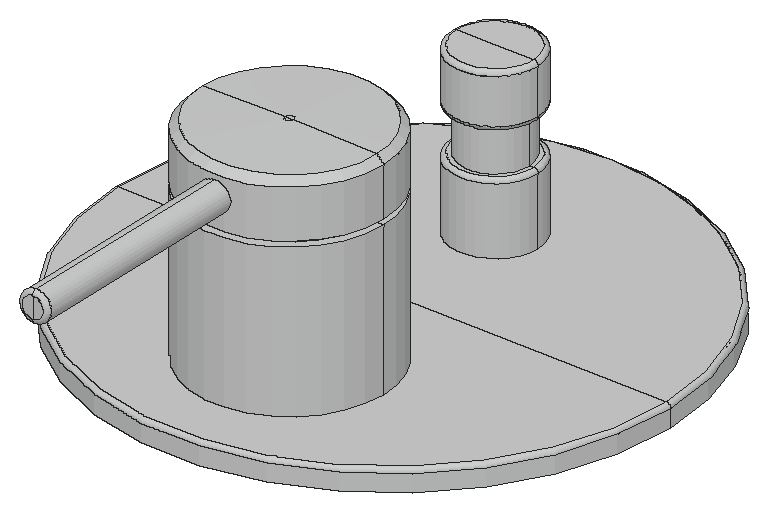
Revit family "MixerTap_Wall_Abey_Poco_Diverter_FaceBased", category Plumbing Fixtures, host Face, Revit 2019
Family settings
  Host = Face
  Round Connector Dimension = Use Diameter
  Part Type = Normal
  OmniClass Number = 23.31.11.19
  OmniClass Title = Faucet Mixing Valves
  Cut with Voids When Loaded = Yes
  Shared = No
  Room Calculation Point = No
Parameters (values of type "6SHD-EXT + 6SHD-INT")
  Waste Connection = no
  Vent Connection = no
  Uniclass2015Version = "Products v1.28"
  Uniclass2015Title = "Taps and water supply outlet fittings"
  Uniclass2015Code = "Pr_40_20_87"
  URL = "https://www.abey.com.au/"
  Type Comments = "Chrome Finish"
  ModifiedIssue = 20230628
  Model = "6SHD-EXT + 6SHD-INT"
  Material = Metal_Abey_Chrome
  ManufacturerURLProductSpecific = "https://www.abey.com.au/product/bathroom/poco-diverter-mixer/"
  ManufacturerSpecCode = Model  # "6SHD-EXT + 6SHD-INT"
  ManufacturerOverallWidth = 130 mm  # constant formula
  ManufacturerOverallHeight = 55 mm  # constant formula
  ManufacturerOverallDepth = 170 mm  # constant formula
  Manufacturer = "Abey"  # constant formula
  Keynote = ""
  IfcExportType = "DIVERTING"
  IfcExportAs = "IfcValve"
  HW Connection = yes
  Description = "Poco - Diverter Mixer - Chrome"
  Default Elevation = 1050 mm
  CreatedBy = "IGS BIM Solutions"  # constant formula
  CreatedByURL = "https://igsgroup.com.au"
  CW Connection = yes
  Assembly Code = "C1030210"
Reference planes
  plane 1 "Center of base plate": y = -49
  plane 2 "Back": z = 0
  plane 3 "Center (Left/Right)": x = 20.57
  plane 4 "Bottom of Flange": y = -114
  plane 5 "Left": x = -44.43
  plane 6 "Right": x = 85.57
  plane 7 "Front": z = 55
  plane 8 "Back1": z = -64
  plane 9 "Top": y = 16
  plane 10 "Bottom": y = -154
  plane 11 "Center of Divertor": y = -19
  plane 12 "Mixer": y = -79
Forms (mm)
  Extrusion 1, void
    sketch origin (0, 0, 0) x (1, 0, 0) y (0, 1, 0)
      loop
        circle (20.57, -49) r 65
    from 0 to -55
Text (mm)
  text "Disclaimer:\nDue to ongoing product development and manufacturing evolution, product details are subject to change without notice.\nPlease refer to product technical data sheets on the manufacturer's website for the most current product information. Please allow a +/- 5mm manufacturing tolerance for dimensions and set-outs shown in product literature." at (133.659, 10.015, 0), in view "Ref. Level_Instruction"
Dimensions and locks
  "ManufacturerOverallHeight": plane 7 "Front" to plane 2 "Back"
  equal spacing: plane 5 "Left", plane 3 "Center (Left/Right)", plane 6 "Right"
  "ManufacturerOverallWidth": plane 5 "Left" to plane 6 "Right"
  locked: plane 2 "Back" to plane 8 "Back1" at 64
  "ManufacturerOverallDepth": plane 10 "Bottom" to plane 9 "Top"
  locked: plane 10 "Bottom" to plane 4 "Bottom of Flange" at 40
  equal spacing: plane 4 "Bottom of Flange", plane 1 "Center of base plate", plane 9 "Top"
  plane 12 "Mixer" to plane 1 "Center of base plate" to plane 11 "Center of Divertor" = 30 mm locked, 30 mm locked
  aligned and locked: host face to plane 2 "Back"
  aligned and locked: level to host face
  aligned and locked: plane 1 "Center of base plate" to Extrusion 1 sketch curve
  aligned and locked: nested 1 to plane 1 "Center of base plate"
  aligned and locked: plane 3 "Center (Left/Right)" to nested 1
  aligned and locked: nested 1 to host face
Automatic sketch dimensions
  host sketch curve to host sketch curve = 130 mm  (x2)
  Extrusion 1 sketch curve to plane 3 "Center (Left/Right)" = 0 mm
  radius of Extrusion 1 sketch curve = 65 mm
Nested families
  nested 1: "z_PlumFix_Mixer_ABEY_Poco_Divertor Mixer" at (-77.451, -49, -65.75) x (1, 0, 0) z (0, 1, 0), type "6SHD-EXT + 6SHD-INT"
Connectors
  piping at (7.445, -79, -1), diameter 12.7, driven by "HW Connection"
    settings: on nested 1, index 1, connector inside diameter 24", connector length 0 mm, flow factor 0, pipe flow 0.00 L/s, pressure drop 0 kPa, fitting loss kfactor 0, connector angle 0.00°, fixture units 0, engagement length 0 mm, angle of deflection 0.00°, flow configuration 1, flow direction 1, fitting loss method 0, system type 19, joint type 0, gender type 0, connector reference index -1, connector utility 1, adjustable connector no, is connector primary yes, connector description "Hot Water Supply"
  piping at (33.695, -79, -1), diameter 12.7, driven by "CW Connection"
    settings: on nested 1, index 2, connector inside diameter 24", connector length 0 mm, flow factor 0, pipe flow 0.00 L/s, pressure drop 0 kPa, fitting loss kfactor 0, connector angle 0.00°, fixture units 0, engagement length 0 mm, angle of deflection 0.00°, flow configuration 1, flow direction 1, fitting loss method 0, system type 20, joint type 0, gender type 0, connector reference index -1, connector utility 1, adjustable connector no, is connector primary no, connector description "Cold Water Supply"
Definition of nested family "z_PlumFix_Mixer_ABEY_Poco_Divertor Mixer"
  Parameters (values of type "6SHD-EXT + 6SHD-INT")
    Waste Connection = no
    WFU = 0
    Vent Connection = no
    URL = ""
    Type Comments = ""
    ModifiedIssue = 0
    Model = ""
    ManufacturerURLProductSpecific = ""
    ManufacturerSpecCode = ""
    ManufacturerOverallWidth = 130 mm  # constant formula
    ManufacturerOverallHeight = 170 mm  # constant formula
    ManufacturerOverallDepth = 55 mm  # constant formula
    Manufacturer = ""
    Keynote = ""
    HWFU = 0
    HW Connection = yes
    Description = ""
    Default Elevation = 0 mm
    CreatedBy = "IGS BIM Solutions"  # constant formula
    CreatedByURL = "https://igsgroup.com.au"
    Cost = 0
    CWFU = 0
    CW Connection = yes
    BodyMaterial = none
    Assembly Code = ""
  Reference planes
    plane 1 "Ref. Level": z = 0
    plane 2 "Center (Left/Right)": x = 98.02
    plane 3 "Bottom of base plate": z = -65
    plane 4 "Back": y = -65.75
    plane 5 "Left": x = 33.02
    plane 6 "Front": y = -120.75
    plane 7 "Right": x = 163.02
    plane 8 "Top": z = 65
    plane 9 "Center of base plate": z = 0
    plane 10 "Bottom": z = -105
    plane 11 "Mixer": z = -30
    plane 12 "Center of Divertor": z = 30
  Forms (mm)
    Revolve 1, solid, material <- "BodyMaterial"
      sketch origin (0, 0, 0) x (-1, 0, 0) y (0, -1, 0)
        loop
          line (-98.02, 65.75) -> (-33.02, 65.75) -> (-33.02, 69.75)
          arc (-33.02, 69.75) -> (-33.313, 70.457) -> (-34.02, 70.75) r 1
          line (-34.02, 70.75) -> (-98.02, 70.75) -> (-98.02, 65.75)
        axis (-98.02, 70.75) -> (-98.02, 65.75)
      angle from 0 to 360
    Revolve 2, solid, material <- "BodyMaterial"
      sketch origin (-189.564, -1524, -30) x (-1, 0, 0) y (0, -1, 0)
        loop
          line (-287.584, -1453.25) -> (-265.584, -1453.25) -> (-265.584, -1417.85) -> (-267.77, -1417.85) -> (-269.066, -1416.554) -> (-265.584, -1416.554) -> (-265.584, -1405.235) -> (-267.244, -1403.575)
          arc (-267.244, -1403.575) -> (-276.913, -1403.331) -> (-286.584, -1403.25) r 575.697
          line (-286.584, -1403.25) -> (-287.584, -1403.25) -> (-287.584, -1453.25)
        axis (-287.584, -1453.25) -> (-287.584, -1403.25)
      angle from 0 to 360
    Revolve 3, solid, material <- "BodyMaterial"
      sketch origin (0, 0, 30) x (-1, 0, 0) y (0, -1, 0)
        loop
          line (-98.02, 70.75) -> (-88.02, 70.75) -> (-88.02, 86.35)
          arc (-88.02, 86.35) -> (-88.313, 87.057) -> (-89.02, 87.35) r 1
          line (-89.02, 87.35) -> (-90.02, 87.35) -> (-90.02, 97.35) -> (-89.02, 97.35)
          arc (-89.02, 97.35) -> (-88.313, 97.643) -> (-88.02, 98.35) r 1
          line (-88.02, 98.35) -> (-88.02, 108.85)
          arc (-88.02, 108.85) -> (-88.313, 109.557) -> (-89.02, 109.85) r 1
          line (-89.02, 109.85) -> (-98.02, 109.85) -> (-98.02, 70.75)
        axis (-98.02, 70.75) -> (-98.02, 109.85)
      angle from 0 to 360
    Revolve 4, solid, material <- "BodyMaterial"
      sketch origin (98.02, 0, 0) x (0, 1, 0) y (0, 0, 1)
        loop
          line (-117.598, -30) -> (-117.598, -104)
          arc (-117.598, -104) -> (-117.305, -104.707) -> (-116.598, -105) r 1
          line (-116.598, -105) -> (-114.098, -105) -> (-114.098, -30) -> (-117.598, -30)
        axis (-114.098, -30) -> (-114.098, -105)
      angle from 0 to 360
    Extrusion 5, solid, material <- "BodyMaterial"
      sketch origin (-684.381, -65.75, 4000) x (-1, 0, 0) y (0, 0, -1)
        loop
          circle (-795.526, 4030) r 6.35
        loop
          circle (-769.276, 4030) r 6.35
      from 0 to -1
  Cuts and joins
    joined: Revolve 1, Revolve 3
    joined: Revolve 2, Revolve 4
  Lines and regions (mm)
    Masking region 1
      outline origin (163.02, 0, 0) x (0, 1, 0) y (0, 0, 1)
        loop
          line (-65.75, 65) -> (-69.75, 65)
          arc (-69.75, 65) -> (-70.457, 64.707) -> (-70.75, 64) r 1
          line (-70.75, 64) -> (-70.75, 40) -> (-86.35, 40)
          arc (-86.35, 40) -> (-87.057, 39.707) -> (-87.35, 39) r 1
          line (-87.35, 39) -> (-87.35, 38) -> (-97.35, 38) -> (-97.35, 39)
          arc (-97.35, 39) -> (-97.643, 39.707) -> (-98.35, 40) r 1
          line (-98.35, 40) -> (-108.85, 40)
          arc (-108.85, 40) -> (-109.557, 39.707) -> (-109.85, 39) r 1
          line (-109.85, 39) -> (-109.85, 21)
          arc (-109.85, 21) -> (-109.557, 20.293) -> (-108.85, 20) r 1
          line (-108.85, 20) -> (-98.35, 20)
          arc (-98.35, 20) -> (-97.643, 20.293) -> (-97.35, 21) r 1
          line (-97.35, 21) -> (-97.35, 22) -> (-87.35, 22) -> (-87.35, 21)
          arc (-87.35, 21) -> (-87.057, 20.293) -> (-86.35, 20) r 1
          line (-86.35, 20) -> (-70.75, 20) -> (-70.75, -8) -> (-106.15, -8) -> (-106.15, -10.186) -> (-107.446, -11.482) -> (-107.446, -8) -> (-118.765, -8) -> (-120.425, -9.66)
          arc (-120.425, -9.66) -> (-120.75, -30) -> (-120.425, -50.34) r 636.754
          line (-120.425, -50.34) -> (-118.765, -52) -> (-117.598, -52) -> (-117.598, -104)
          arc (-117.598, -104) -> (-117.305, -104.707) -> (-116.598, -105) r 1
          line (-116.598, -105) -> (-111.598, -105)
          arc (-111.598, -105) -> (-110.891, -104.707) -> (-110.598, -104) r 1
          line (-110.598, -104) -> (-110.598, -52) -> (-107.446, -52) -> (-107.446, -48.518) -> (-106.15, -49.814) -> (-106.15, -52) -> (-70.75, -52) -> (-70.75, -64)
          arc (-70.75, -64) -> (-70.457, -64.707) -> (-69.75, -65) r 1
          line (-69.75, -65) -> (-65.75, -65) -> (-65.75, 65)
    Masking region 2
      outline origin (0, 0, 65) x (-1, 0, 0) y (0, -1, 0)
        loop
          line (-33.02, 65.75) -> (-33.02, 69.75)
          arc (-33.02, 69.75) -> (-33.313, 70.457) -> (-34.02, 70.75) r 1
          line (-34.02, 70.75) -> (-76.02, 70.75) -> (-76.02, 106.15) -> (-78.206, 106.15) -> (-79.502, 107.446) -> (-76.02, 107.446) -> (-76.02, 118.765) -> (-77.68, 120.425)
          arc (-77.68, 120.425) -> (-98.02, 120.75) -> (-118.36, 120.425) r 636.754
          line (-118.36, 120.425) -> (-120.02, 118.765) -> (-120.02, 107.446) -> (-116.538, 107.446) -> (-117.834, 106.15) -> (-120.02, 106.15) -> (-120.02, 70.75) -> (-162.02, 70.75)
          arc (-162.02, 70.75) -> (-162.727, 70.457) -> (-163.02, 69.75) r 1
          line (-163.02, 69.75) -> (-163.02, 65.75) -> (-33.02, 65.75)
    symbolic lines, detail levels fine
      curve 1: circle (98.02, -120.75, -30) r 20.34 normal (0, -1, 0)
      curve 15: line (77.68, -120.425, 65) -> (118.36, -120.425, 65)
      curve 40: line (163.02, -120.425, -9.66) -> (163.02, -120.425, -50.34)
    symbolic lines, detail levels medium+fine
      curve 2: circle (98.02, -120.75, -30) r 22 normal (0, -1, 0)
      curve 3: circle (98.02, -120.75, 30) r 10 normal (0, -1, 0)
      curve 4: line (163.02, -97.35, 38) -> (163.02, -97.35, 22)
      curve 5: line (163.02, -87.35, 38) -> (163.02, -87.35, 22)
      curve 6: line (163.02, -70.75, 40) -> (163.02, -70.75, 20)
      curve 7: line (163.02, -70.75, -8) -> (163.02, -70.75, -52)
      curve 8: line (163.02, -107.446, -11.482) -> (163.02, -107.446, -48.518)
      curve 9: line (163.02, -106.15, -10.186) -> (163.02, -106.15, -49.814)
      curve 10: line (163.02, -117.598, -52) -> (163.02, -110.598, -52)
      curve 11: line (76.02, -118.765, 65) -> (120.02, -118.765, 65)
      curve 12: line (79.502, -107.446, 65) -> (88.02, -107.446, 65)
      curve 13: line (78.206, -106.15, 65) -> (88.02, -106.15, 65)
      curve 14: line (76.02, -70.75, 65) -> (120.02, -70.75, 65)
      curve 16: line (107.02, -109.85, 65) -> (89.02, -109.85, 65)
      curve 17: line (88.02, -108.85, 65) -> (88.02, -98.35, 65)
      curve 18: line (89.02, -97.35, 65) -> (90.02, -97.35, 65)
      curve 19: line (90.02, -97.35, 65) -> (90.02, -87.35, 65)
      curve 20: arc (88.02, -98.35, 65) -> (88.313, -97.643, 65) -> (89.02, -97.35, 65) r 1
      curve 21: arc (88.02, -108.85, 65) -> (88.313, -109.557, 65) -> (89.02, -109.85, 65) r 1
      curve 22: line (90.02, -87.35, 65) -> (89.02, -87.35, 65)
      curve 23: line (88.02, -86.35, 65) -> (88.02, -70.75, 65)
      curve 24: arc (89.02, -87.35, 65) -> (88.313, -87.057, 65) -> (88.02, -86.35, 65) r 1
      curve 25: line (108.02, -108.85, 65) -> (108.02, -98.35, 65)
      curve 26: line (107.02, -97.35, 65) -> (106.02, -97.35, 65)
      curve 27: line (106.02, -97.35, 65) -> (106.02, -87.35, 65)
      curve 28: arc (108.02, -98.35, 65) -> (107.727, -97.643, 65) -> (107.02, -97.35, 65) r 1
      curve 29: arc (108.02, -108.85, 65) -> (107.727, -109.557, 65) -> (107.02, -109.85, 65) r 1
      curve 30: line (106.02, -87.35, 65) -> (107.02, -87.35, 65)
      curve 31: line (108.02, -86.35, 65) -> (108.02, -70.75, 65)
      curve 32: arc (107.02, -87.35, 65) -> (107.727, -87.057, 65) -> (108.02, -86.35, 65) r 1
      curve 33: line (90.02, -87.35, 65) -> (106.02, -87.35, 65)
      curve 34: line (90.02, -97.35, 65) -> (106.02, -97.35, 65)
      curve 35: line (116.538, -107.446, 65) -> (108.02, -107.446, 65)
      curve 36: line (117.834, -106.15, 65) -> (108.02, -106.15, 65)
      curve 37: line (94.52, -120.75, -64.906) -> (94.52, -120.75, -51.72)
      curve 38: line (101.52, -120.75, -64.906) -> (101.52, -120.75, -51.72)
      curve 39: line (163.02, -118.765, -8) -> (163.02, -118.765, -52)
  Dimensions and locks
    "ManufacturerOverallDepth": plane 6 "Front" to plane 4 "Back"
    equal spacing: plane 5 "Left", plane 2 "Center (Left/Right)", plane 7 "Right"
    "ManufacturerOverallWidth": plane 5 "Left" to plane 7 "Right"
    "ManufacturerOverallHeight": plane 8 "Top" to plane 10 "Bottom"
    equal spacing: plane 8 "Top", plane 9 "Center of base plate", plane 3 "Bottom of base plate"
    plane 9 "Center of base plate" to plane 1 "Ref. Level" = 0 mm
    locked: plane 3 "Bottom of base plate" to plane 10 "Bottom" at 40
    plane 12 "Center of Divertor" to plane 9 "Center of base plate" to plane 11 "Mixer" = 30 mm locked, 30 mm locked
    aligned and locked: Revolve 1 sketch curve to plane 4 "Back"
    aligned and locked: plane 2 "Center (Left/Right)" to Revolve 1 sketch curve
    aligned and locked: Revolve 1 sketch curve to Revolve 1 sketch curve  (x2)
    aligned and locked: Revolve 2 sketch curve to plane 6 "Front"
    aligned and locked: Revolve 2 sketch curve to Revolve 2 sketch curve  (x2)
    aligned and locked: Revolve 3 sketch curve to Revolve 3 sketch curve  (x2)
    aligned and locked: Revolve 4 sketch curve to plane 11 "Mixer"
    aligned and locked: plane 11 "Mixer" to Extrusion 5 sketch curve  (x2)
  Automatic sketch dimensions
    Revolve 1 sketch curve to plane 5 "Left" = 0 mm
    plane 4 "Back" to Revolve 1 sketch curve = 0 mm
    plane 5 "Left" to Revolve 1 sketch curve = 1 mm
    plane 4 "Back" to Revolve 1 sketch curve = 4 mm
    Revolve 3 sketch curve to plane 2 "Center (Left/Right)" = 0 mm
    Revolve 3 sketch curve to plane 2 "Center (Left/Right)" = 8 mm
    Revolve 3 sketch curve to Revolve 3 sketch curve = 1 mm  (x3)
    Revolve 3 sketch curve to Revolve 3 sketch curve = 9 mm
    Revolve 3 sketch curve to Revolve 3 sketch curve = 10 mm  (x2)
    plane 4 "Back" to Revolve 3 sketch curve = 5 mm
    Revolve 3 sketch curve to Revolve 3 sketch curve = 15.6 mm
    Revolve 3 sketch curve to Revolve 3 sketch curve = 10.5 mm
    Revolve 3 sketch curve to Revolve 3 sketch curve = 0 mm
    Revolve 4 sketch curve to plane 10 "Bottom" = 0 mm
    Revolve 4 sketch curve to plane 11 "Mixer" = 0 mm
    Revolve 4 sketch curve to plane 6 "Front" = 3.152 mm
    Revolve 4 sketch curve to Revolve 4 sketch curve = 1 mm
    Revolve 4 sketch curve to Revolve 4 sketch curve = 2.5 mm
    Revolve 4 sketch curve to Revolve 4 sketch curve = 0 mm
    Revolve 4 sketch curve to Revolve 4 sketch curve = 6.964 mm
    Revolve 2 sketch curve to plane 2 "Center (Left/Right)" = 0 mm
    plane 6 "Front" to Revolve 2 sketch curve = 0 mm
    Revolve 2 sketch curve to plane 2 "Center (Left/Right)" = 1 mm
    Revolve 2 sketch curve to plane 2 "Center (Left/Right)" = 18.518 mm
    Revolve 2 sketch curve to Revolve 2 sketch curve = 1.296 mm  (x2)
    Revolve 2 sketch curve to plane 6 "Front" = 0.325 mm
    Revolve 2 sketch curve to Revolve 2 sketch curve = 1.822 mm
    Revolve 2 sketch curve to Revolve 2 sketch curve = 2.186 mm
    Revolve 2 sketch curve to Revolve 2 sketch curve = 0 mm
    plane 4 "Back" to Revolve 2 sketch curve = 5 mm
    Revolve 2 sketch curve to Revolve 2 sketch curve = 14.275 mm
    Revolve 2 sketch curve to plane 6 "Front" = 1.985 mm
    Masking region 1 sketch curve to plane 10 "Bottom" = 0 mm
    Masking region 1 sketch curve to plane 8 "Top" = 0 mm
    Masking region 1 sketch curve to plane 3 "Bottom of base plate" = 0 mm
    Masking region 1 sketch curve to plane 4 "Back" = 0 mm
    plane 11 "Mixer" to Masking region 1 sketch curve = 0 mm
    plane 3 "Bottom of base plate" to Masking region 1 sketch curve = 1 mm
    plane 4 "Back" to Masking region 1 sketch curve = 4 mm  (x2)
    Masking region 1 sketch curve to plane 8 "Top" = 1 mm
    plane 4 "Back" to Masking region 1 sketch curve = 5 mm
    plane 12 "Center of Divertor" to Masking region 1 sketch curve = 9 mm  (x2)
    Masking region 1 sketch curve to Masking region 1 sketch curve = 15.6 mm  (x2)
    Masking region 1 sketch curve to Masking region 1 sketch curve = 1 mm  (x6)
    Masking region 1 sketch curve to Masking region 1 sketch curve = 10 mm  (x2)
    Masking region 1 sketch curve to plane 6 "Front" = 14.6 mm  (x2)
    Masking region 1 sketch curve to Masking region 1 sketch curve = 1.296 mm  (x4)
    Masking region 1 sketch curve to Masking region 1 sketch curve = 10.5 mm  (x2)
    Masking region 1 sketch curve to Masking region 1 sketch curve = 3.152 mm
    plane 10 "Bottom" to Masking region 1 sketch curve = 1 mm  (x2)
    Masking region 1 sketch curve to plane 6 "Front" = 4.152 mm
    Masking region 1 sketch curve to plane 6 "Front" = 1.985 mm
    Masking region 1 sketch curve to Masking region 1 sketch curve = 1.167 mm
    Masking region 1 sketch curve to plane 6 "Front" = 0.325 mm  (x2)
    Masking region 1 sketch curve to plane 4 "Back" = 581.754 mm
    plane 3 "Bottom of base plate" to Masking region 1 sketch curve = 13 mm
    Masking region 1 sketch curve to Masking region 1 sketch curve = 12 mm
    Masking region 1 sketch curve to Masking region 1 sketch curve = 0 mm
    Masking region 1 sketch curve to Masking region 1 sketch curve = 1.66 mm
    Masking region 1 sketch curve to Masking region 1 sketch curve = 2.186 mm  (x2)
    Masking region 1 sketch curve to plane 9 "Center of base plate" = 11.482 mm
    Masking region 1 sketch curve to plane 9 "Center of base plate" = 8 mm
    Masking region 1 sketch curve to plane 12 "Center of Divertor" = 10 mm  (x2)
    plane 12 "Center of Divertor" to Masking region 1 sketch curve = 8 mm
    Masking region 2 sketch curve to plane 7 "Right" = 0 mm
    Masking region 2 sketch curve to plane 2 "Center (Left/Right)" = 0 mm
    Masking region 2 sketch curve to plane 5 "Left" = 0 mm
    plane 4 "Back" to Masking region 2 sketch curve = 0 mm
    Masking region 2 sketch curve to plane 7 "Right" = 1 mm
    plane 4 "Back" to Masking region 2 sketch curve = 5 mm  (x2)
    plane 2 "Center (Left/Right)" to Masking region 2 sketch curve = 22 mm
    Masking region 2 sketch curve to Masking region 2 sketch curve = 0 mm
    Masking region 2 sketch curve to plane 6 "Front" = 0.325 mm  (x2)
    Masking region 2 sketch curve to Masking region 2 sketch curve = 1.66 mm  (x2)
    Masking region 2 sketch curve to Masking region 2 sketch curve = 2.186 mm
    Masking region 2 sketch curve to Masking region 2 sketch curve = 1.296 mm  (x4)
    Masking region 2 sketch curve to plane 2 "Center (Left/Right)" = 18.518 mm
    Masking region 2 sketch curve to plane 6 "Front" = 1.985 mm  (x2)
    Masking region 2 sketch curve to plane 2 "Center (Left/Right)" = 22 mm
    plane 5 "Left" to Masking region 2 sketch curve = 1 mm
    Masking region 2 sketch curve to plane 4 "Back" = 581.754 mm
    Masking region 2 sketch curve to Masking region 2 sketch curve = 14.275 mm
    Masking region 2 sketch curve to Masking region 2 sketch curve = 12.615 mm
    curve 1 to curve 2 = 0 mm  (x2)
    curve 1 to plane 2 "Center (Left/Right)" = 0 mm
    curve 3 to plane 2 "Center (Left/Right)" = 0 mm
    curve 1 to plane 11 "Mixer" = 0 mm
    curve 3 to plane 12 "Center of Divertor" = 0 mm
    curve 38 to plane 3 "Bottom of base plate" = 0.094 mm
    curve 38 to plane 2 "Center (Left/Right)" = 3.5 mm
    curve 37 to plane 3 "Bottom of base plate" = 0.094 mm
    curve 38 to curve 38 = 13.186 mm
    plane 2 "Center (Left/Right)" to curve 37 = 3.5 mm
    Extrusion 5 sketch curve to plane 2 "Center (Left/Right)" = 13.125 mm
    plane 2 "Center (Left/Right)" to Extrusion 5 sketch curve = 13.125 mm
    plane 2 "Center (Left/Right)" to curve 29 = 9 mm
    plane 2 "Center (Left/Right)" to curve 32 = 9 mm
    curve 20 to plane 2 "Center (Left/Right)" = 9 mm
    curve 24 to plane 2 "Center (Left/Right)" = 9 mm
    plane 4 "Back" to curve 32 = 20.6 mm
    curve 24 to curve 32 = 0 mm
    curve 32 to curve 28 = 12 mm
    curve 28 to curve 29 = 10.5 mm
    curve 32 to curve 32 = 1 mm
    curve 28 to curve 28 = 1 mm
    curve 35 to curve 35 = 8.518 mm
    curve 36 to curve 35 = 1.296 mm  (x2)
    curve 15 to plane 6 "Front" = 0.325 mm
    curve 15 to curve 35 = 1.822 mm
    curve 14 to curve 31 = 12 mm
    curve 11 to curve 15 = 1.66 mm
    curve 30 to curve 30 = 1 mm
    curve 28 to curve 27 = 1 mm
    curve 22 to curve 24 = 1 mm
    curve 21 to curve 21 = 1 mm
    curve 20 to curve 20 = 1 mm
    curve 12 to curve 12 = 8.518 mm
    curve 12 to curve 13 = 1.296 mm
    curve 12 to curve 15 = 1.822 mm
    curve 15 to curve 11 = 1.66 mm
    curve 23 to curve 14 = 12 mm
    plane 4 "Back" to curve 23 = 5 mm
    curve 13 to curve 21 = 2.7 mm
    curve 36 to curve 29 = 2.7 mm
    curve 13 to curve 12 = 1.296 mm
    curve 11 to plane 6 "Front" = 1.985 mm
    curve 40 to plane 6 "Front" = 0.325 mm
    curve 39 to plane 6 "Front" = 1.985 mm
    plane 3 "Bottom of base plate" to curve 39 = 13 mm
    curve 39 to curve 10 = 1.167 mm
    curve 10 to curve 10 = 7 mm
    curve 10 to curve 8 = 3.152 mm
    curve 8 to curve 9 = 1.296 mm  (x2)
    curve 4 to plane 12 "Center of Divertor" = 8 mm
    curve 4 to plane 6 "Front" = 23.4 mm
    curve 4 to curve 5 = 10 mm
    plane 4 "Back" to curve 6 = 5 mm
    plane 4 "Back" to curve 7 = 5 mm
    curve 39 to curve 10 = 0 mm
    plane 3 "Bottom of base plate" to curve 7 = 13 mm
    curve 39 to curve 40 = 1.66 mm
    curve 10 to curve 9 = 2.186 mm
    curve 9 to curve 8 = 1.296 mm
    curve 8 to plane 9 "Center of base plate" = 11.482 mm
    curve 40 to plane 9 "Center of base plate" = 9.66 mm
    curve 40 to curve 39 = 1.66 mm
    curve 7 to plane 9 "Center of base plate" = 8 mm
    curve 6 to plane 12 "Center of Divertor" = 10 mm
    curve 5 to plane 12 "Center of Divertor" = 8 mm
    plane 12 "Center of Divertor" to curve 4 = 8 mm
    plane 12 "Center of Divertor" to curve 5 = 8 mm
    plane 12 "Center of Divertor" to curve 6 = 10 mm
    radius of curve 1 = 20.34 mm
    radius of curve 3 = 10 mm
    radius of Extrusion 5 sketch curve = 6.35 mm  (x2)
